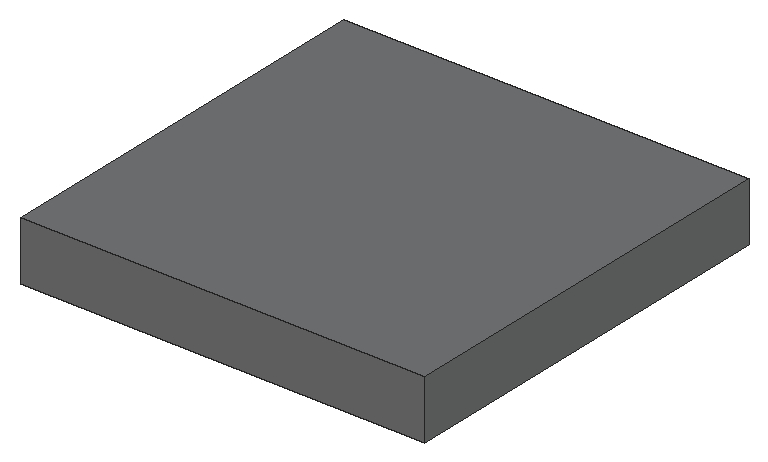
Revit family "Gira_0876600", category Electrical Fixtures, host Face, Revit 2017
Family settings
  Host = Face
  Maintain Annotation Orientation = No
  Round Connector Dimension = Use Diameter
  Part Type = Normal
  Cut with Voids When Loaded = No
  Shared = No
  Room Calculation Point = No
Parameters (values of type "Cov. in.sp. TAE USB System 55 stainl.steel")
  URL = "http://katalog.gira.de/en/datenblatt.html?artikelnr=0876600"
  Transparent = "No"
  Name = "Cov. in.sp. TAE USB System 55 stainl.steel"
  Manufacturer URL = "https://www.gira.de/"
  Manufacturer = "Gira"
  Keynote = ""
  HeinzeBIM = "https://bimportal.heinze.de/bim/cov-in-sp-tae-usb-system-55-stainl-steel/a9d003a9623c3dab26897a6d672859edc9b617b3"
  HAN = "0876600"
  GTIN = "4010337035800"
  Description = "Cov.in.sp.TAE USB Sys55 ED,Cover for USB data interface,with inscription space,Stainless steel,Notes :,- Suitable for USB power supply.,- Suitable for USB data interface."
  Default Elevation = 1219.2 mm
  Data sheet (1) = "https://katalog.gira.de/en/download.html?artikelnr=0876600"
  Category = "Insert/cover for communication technology"
  BIM (1) = "https://media.stage.bim.site/public/gira/36a6b08/Sys55_Abdeckung_Schalten und Tasten.rfa?public/gira/36a6b08/Sys55_Abdeckung_Schalten und Tasten.rfa"
  Available = "No"
  Anthrazit [instance] = Anthrazit
Reference planes
  plane 1 "Center (Front/Back)": y = 0
  plane 2: z = 0
  plane 3 "Center (Left/Right)": x = 0
Forms (mm)
  Extrusion 1, solid, material "Anthrazit" <- "Anthrazit", detail levels fine
    sketch origin (0, 0, 0) x (1, 0, 0) y (0, 1, 0)
      loop
        line (-27.5, 27.5) -> (-27.5, -27.5) -> (27.5, -27.5) -> (27.5, 27.5) -> (-27.5, 27.5)
    from 0 to 8
  Extrusion 2, void
    sketch origin (0, 0, 0) x (1, 0, 0) y (0, 1, 0)
      loop
        line (26, 26) -> (-26, 26) -> (-26, -26) -> (26, -26) -> (26, 26)
    from 0 to 6
  Extrusion 3, solid, material "Anthrazit" <- "Anthrazit", detail levels medium
    sketch origin (0, 0, 0) x (1, 0, 0) y (0, 1, 0)
      loop
        line (-27.5, 27.5) -> (-27.5, -27.5) -> (27.5, -27.5) -> (27.5, 27.5) -> (-27.5, 27.5)
    from 0 to 8
  Extrusion 4, solid, material "Anthrazit" <- "Anthrazit", detail levels medium
    sketch origin (0, 0, 0) x (1, 0, 0) y (0, 1, 0)
      loop
        line (11, -17.5) -> (11, 17.5) -> (-11, 17.5) -> (-11, -17.5) -> (11, -17.5)
    from -6 to 6
  Extrusion 5, solid, material "Anthrazit" <- "Anthrazit", detail levels fine
    sketch origin (0, 0, 0) x (1, 0, 0) y (0, 1, 0)
      loop
        line (11, 17.5) -> (-11, 17.5) -> (-11, 16.5) -> (11, 16.5) -> (11, 17.5)
      loop
        line (-11, -16.5) -> (-11, -17.5) -> (11, -17.5) -> (11, -16.5) -> (-11, -16.5)
    from -4 to 6
  Extrusion 6, solid, material "Anthrazit" <- "Anthrazit", detail levels fine
    sketch origin (0, 0, 0) x (1, 0, 0) y (0, 1, 0)
      loop
        arc (5, 9.347) -> (0, 10.6) -> (-5, 9.347) r 10.6
        line (-5, 9.347) -> (-5, -9.347)
        arc (-5, -9.347) -> (0, -10.6) -> (5, -9.347) r 10.6
        line (5, -9.347) -> (5, 9.347)
    from -6 to 6
  Extrusion 7, solid, material "Anthrazit" <- "Anthrazit", detail levels coarse
    sketch origin (0, 0, 0) x (1, 0, 0) y (0, 1, 0)
      loop
        line (-27.5, 27.5) -> (-27.5, -27.5) -> (27.5, -27.5) -> (27.5, 27.5) -> (-27.5, 27.5)
    from -6 to 8
Cuts and joins
  Extrusion 2 cuts Extrusion 1
Dimensions and locks
  aligned and locked: plane 2 to host face
  aligned and locked: level to host face
